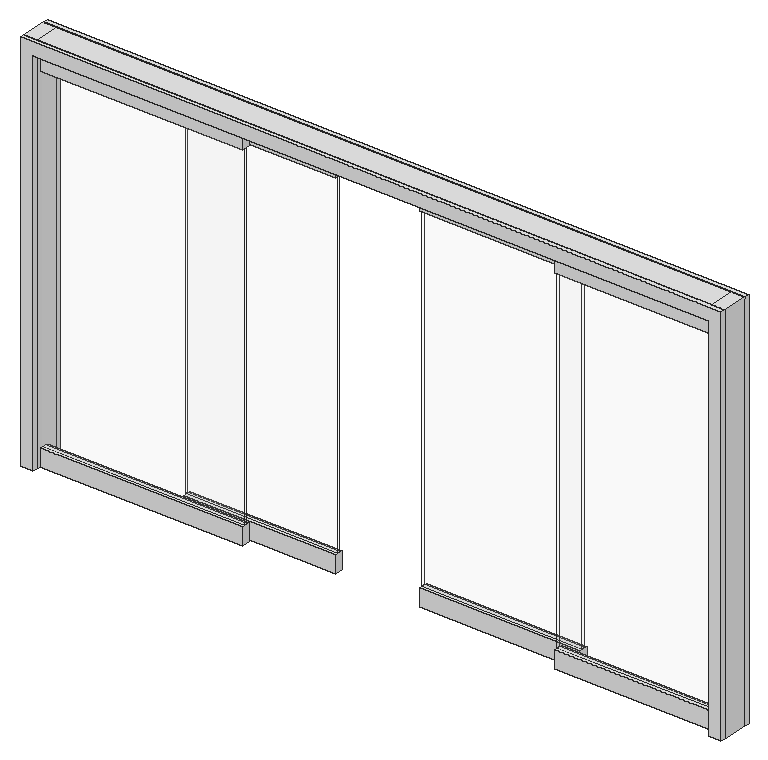
Revit family
Parameters (values of type "AT Glass door type1 (2Leafs) 01 W4000*H2200")
  프레임 투영 외부 = 25 mm
  프레임 투영 내부 = 25 mm
  프레임 폭 = 75 mm
  Height = 2200 mm
  Wall Closure = (empty or 0)
  Width = 4000 mm
  open doorA = 200 mm
  open door = 300 mm
  adhesion doorA = 950 mm
  adhesion door = Width - Auto door - Auto doorA - adhesion doorA  # 1200 mm
  Glass frame material = Chrome, 2
  Function = (empty or 0)
  Frame material = Chrome, 2
  Door material = white glass
  Auto doorA = 950 mm
  Auto door = 900 mm
Types (4, lengths in mm): name | Height | Width | open door | adhesion door | Auto door
  (no name) | 2200 | 4000 | 300 | 1200 | 900
  AT Glass door type1 (2Leafs) 02 W4200*H2000 | 2000 | 4200 | 500 | 1300 | 1000
  AT Glass door type1 (2Leafs) 01 W4000*H2200 | 2200 | 4000 | 300 | 1200 | 900
  AT Glass door type1 (2Leafs) 03 W3800*H2100 | 2100 | 3800 | 200 | 950 | 950
Reference planes
  plane 1: y = 0
  plane 2 "중심(왼쪽/오른쪽)": x = 0
  plane 3 "왼쪽": x = -1200
  plane 4 "오른쪽": x = 2800
  plane 5: z = 2200
  plane 6 "외부": y = 75
  plane 7 "내부": y = -75
  plane 8: x = -400
  plane 9: x = 800
  plane 10: x = 500
  plane 11: x = 1000
  plane 12: x = 1850
  plane 13: x = 1950
Forms (mm)
  Extrusion 1, solid, material "Chrome, 2" <- "Frame material"
    sketch origin (-3172.125, -75, 0) x (1, 0, 0) y (0, 0, 1)
      loop
        line (1897.125, 0) -> (1972.125, 0) -> (1972.125, 2200) -> (5972.125, 2200) -> (5972.125, 0) -> (6047.125, 0) -> (6047.125, 2275) -> (1897.125, 2275) -> (1897.125, 0)
    from 0 to 25
  Extrusion 2, solid, material "Chrome, 2" <- "Frame material"
    sketch origin (-3172.125, 75, 0) x (-1, 0, 0) y (0, 0, 1)
      loop
        line (-1972.125, 0) -> (-1897.125, 0) -> (-1897.125, 2275) -> (-6047.125, 2275) -> (-6047.125, 0) -> (-5972.125, 0) -> (-5972.125, 2200) -> (-1972.125, 2200) -> (-1972.125, 0)
    from 0 to 25
  Extrusion 3, solid, material "Chrome, 2" <- "Frame material"
    sketch origin (0, 75, 0) x (1, 0, 0) y (0, 0, 1)
      loop
        line (2875, 2275) -> (2800, 2275) -> (-1200, 2275) -> (-1275, 2275) -> (-1275, 0) -> (-1200, 0) -> (-1200, 2200) -> (2800, 2200) -> (2800, 0) -> (2875, 0) -> (2875, 2275)
    from 0 to 150
  Extrusion 4, solid, material "white glass" <- "Door material"
    sketch origin (0, 0, 0) x (1, 0, 0) y (0, 1, 0)
      loop
        line (-400, 47.5) -> (-400, 27.5) -> (500, 27.5) -> (500, 47.5) -> (-400, 47.5)
    from 100 to 2100
  Extrusion 5, solid, material "Chrome, 2" <- "Glass frame material"
    sketch origin (0, -75, 0) x (1, 0, 0) y (0, 0, 1)
      loop
        line (500, 0) -> (500, 100) -> (-400, 100) -> (-400, 0) -> (500, 0)
      loop
        line (500, 2200) -> (-400, 2200) -> (-400, 2100) -> (500, 2100) -> (500, 2200)
    from -136.913 to -87.537
  Extrusion 6, solid, material "white glass" <- "Door material"
    sketch origin (-600, -62.5, 0) x (1, 0, 0) y (0, 1, 0)
      loop
        line (-600, 47.5) -> (-600, 27.5) -> (600, 27.5) -> (600, 47.5) -> (-600, 47.5)
    from 100 to 2100
  Extrusion 7, solid, material "Chrome, 2" <- "Glass frame material"
    sketch origin (-600, -136.913, 0) x (1, 0, 0) y (0, 0, 1)
      loop
        line (600, 0) -> (600, 100) -> (-600, 100) -> (-600, 0) -> (600, 0)
      loop
        line (600, 2200) -> (-600, 2200) -> (-600, 2100) -> (600, 2100) -> (600, 2200)
    from -136.913 to -87.537
  Extrusion 8, solid, material "Chrome, 2" <- "Glass frame material"
    sketch origin (2250, -136.913, 0) x (1, 0, 0) y (0, 0, 1)
      loop
        line (550, 0) -> (550, 100) -> (-400, 100) -> (-400, 0) -> (550, 0)
      loop
        line (550, 2200) -> (-400, 2200) -> (-400, 2100) -> (550, 2100) -> (550, 2200)
    from -136.913 to -87.537
  Extrusion 9, solid, material "white glass" <- "Door material"
    sketch origin (2250, -62.5, 0) x (1, 0, 0) y (0, 1, 0)
      loop
        line (-400, 47.5) -> (-400, 27.5) -> (550, 27.5) -> (550, 47.5) -> (-400, 47.5)
    from 100 to 2100
  Extrusion 10, solid, material "Chrome, 2" <- "Glass frame material"
    sketch origin (1550, -75, 0) x (1, 0, 0) y (0, 0, 1)
      loop
        line (400, 0) -> (400, 100) -> (-550, 100) -> (-550, 0) -> (400, 0)
      loop
        line (400, 2200) -> (-550, 2200) -> (-550, 2100) -> (400, 2100) -> (400, 2200)
    from -136.913 to -87.537
  Extrusion 11, solid, material "white glass" <- "Door material"
    sketch origin (0, 0, 0) x (1, 0, 0) y (0, 1, 0)
      loop
        line (1000, 47.5) -> (1000, 27.5) -> (1950, 27.5) -> (1950, 47.5) -> (1000, 47.5)
    from 100 to 2100
Lines and regions (mm)
  Opening 1
    outline origin (-3172.125, -75, 0) x (1, 0, 0) y (0, 0, 1)
      loop
        line (1897.125, 0) -> (6047.125, 0) -> (6047.125, 2275) -> (1897.125, 2275) -> (1897.125, 0)
  Opening 2
    outline origin (-5122.125, -75, 0) x (1, 0, 0) y (0, 0, 1)
      loop
        line (7997.125, 0) -> (7997.125, 2275) -> (7997.125, 0)
Text (mm)
  text "Exterior" at (-2295.016, 1099.543, 0), in view "참조 레벨"
  text "Exterior" at (0, 1615.38, 3698.081), in view "왼쪽"
  text "Exterior" at (0, 1036.032, 3874.932), in view "오른쪽"
Dimensions and locks
  equal spacing: plane 3 "왼쪽", plane 9, plane 4 "오른쪽"
  "Width": plane 3 "왼쪽" to plane 4 "오른쪽"
  "Height": plane 5 to host wall
  host wall to plane 5 = 2200 mm  (x2)
  "프레임 투영 외부": Extrusion 2 to Extrusion 2
  "프레임 투영 내부": Extrusion 1 to Extrusion 1
  "프레임 폭": plane 3 "왼쪽" to Extrusion 1 sketch curve
  "프레임 폭": plane 4 "오른쪽" to Extrusion 1 sketch curve
  "프레임 폭": Extrusion 1 sketch curve to plane 5
  "프레임 폭": plane 4 "오른쪽" to Extrusion 2 sketch curve
  "프레임 폭": plane 3 "왼쪽" to Extrusion 2 sketch curve
  "프레임 폭": plane 5 to Extrusion 2 sketch curve
  locked: plane 6 "외부" to host wall at 0
  locked: plane 7 "내부" to host wall
  "adhesion door": plane 3 "왼쪽" to plane 2 "중심(왼쪽/오른쪽)"
  locked: Extrusion 4 sketch curve to Extrusion 4 sketch curve at 20
  locked: Extrusion 5 sketch curve to Extrusion 5 sketch curve at 100  (x2)
  locked: Extrusion 5 to Extrusion 5 at 49.376
  locked: Extrusion 4 sketch curve to Extrusion 5 at 14.963
  locked: Extrusion 6 sketch curve to Extrusion 6 sketch curve at 20
  locked: Extrusion 7 sketch curve to Extrusion 7 sketch curve at 100  (x2)
  locked: Extrusion 7 to Extrusion 7 at 49.376
  locked: Extrusion 6 sketch curve to Extrusion 7 at 14.376
  locked: Extrusion 7 to Extrusion 5 at 12.537
  "Auto door": plane 8 to plane 10
  locked: Extrusion 8 sketch curve to Extrusion 8 sketch curve at 100  (x2)
  locked: Extrusion 8 to Extrusion 8 at 49.376
  locked: Extrusion 9 sketch curve to Extrusion 9 sketch curve at 20
  locked: Extrusion 10 sketch curve to Extrusion 10 sketch curve at 100  (x2)
  locked: Extrusion 10 to Extrusion 10 at 49.376
  "Auto doorA": plane 11 to plane 13
  "adhesion doorA": plane 12 to plane 4 "오른쪽"
  "open door": plane 10 to plane 9
  "open doorA": plane 9 to plane 11
  locked: Extrusion 11 sketch curve to Extrusion 11 sketch curve at 20
  aligned and locked: level to Extrusion 1 sketch curve
  aligned and locked: plane 5 to Extrusion 1 sketch curve  (x2)
  aligned and locked: Extrusion 1 sketch curve to plane 4 "오른쪽"
  aligned and locked: plane 3 "왼쪽" to Extrusion 1 sketch curve
  aligned and locked: plane 3 "왼쪽" to Extrusion 2 sketch curve
  aligned and locked: plane 5 to Extrusion 2 sketch curve  (x2)
  aligned and locked: level to Extrusion 2 sketch curve
  aligned and locked: host wall to plane 1
  aligned and locked: host wall to Extrusion 3
  aligned and locked: Opening 2 sketch curve to host wall  (x2)
  aligned and locked: Extrusion 2 to Extrusion 3
  aligned and locked: Extrusion 3 sketch curve to Extrusion 2  (x2)
  aligned and locked: Extrusion 3 sketch curve to host wall
  aligned and locked: plane 8 to Extrusion 5 sketch curve
  aligned and locked: level to Extrusion 5 sketch curve
  aligned and locked: Extrusion 5 sketch curve to plane 8
  aligned and locked: Extrusion 5 sketch curve to Extrusion 1
  aligned and locked: Extrusion 4 to Extrusion 5  (x2)
  aligned and locked: Extrusion 7 sketch curve to Extrusion 1  (x3)
  aligned and locked: plane 2 "중심(왼쪽/오른쪽)" to Extrusion 7 sketch curve
  aligned and locked: level to Extrusion 7 sketch curve
  aligned and locked: Extrusion 7 sketch curve to plane 2 "중심(왼쪽/오른쪽)"
  aligned and locked: Extrusion 3 to Extrusion 6 sketch curve
  aligned and locked: Extrusion 6 sketch curve to Extrusion 7
  aligned and locked: Extrusion 6 to Extrusion 7  (x2)
  aligned and locked: plane 1 to Extrusion 7
  aligned and locked: plane 10 to Extrusion 5 sketch curve  (x2)
  aligned and locked: Extrusion 4 sketch curve to Extrusion 5
  aligned and locked: Extrusion 8 sketch curve to plane 12
  aligned and locked: plane 12 to Extrusion 8 sketch curve
  aligned and locked: plane 4 "오른쪽" to Extrusion 8 sketch curve
  aligned and locked: Extrusion 8 sketch curve to plane 4 "오른쪽"
  aligned and locked: Extrusion 8 sketch curve to plane 5
  aligned and locked: level to Extrusion 8 sketch curve
  aligned and locked: Extrusion 10 sketch curve to plane 11  (x2)
  aligned and locked: Extrusion 10 sketch curve to plane 13
  aligned and locked: plane 13 to Extrusion 10 sketch curve
  aligned and locked: Extrusion 9 to plane 4 "오른쪽"
  aligned and locked: Extrusion 9 sketch curve to Extrusion 8
  aligned and locked: Extrusion 11 sketch curve to Extrusion 10  (x2)
  aligned and locked: Extrusion 4 to Extrusion 11
  aligned and locked: Extrusion 9 to Extrusion 11
  aligned and locked: Extrusion 10 sketch curve to Extrusion 1
  aligned and locked: Extrusion 11 to Extrusion 10
Automatic sketch dimensions
  Extrusion 2 sketch curve to plane 4 "오른쪽" = 0 mm
  Extrusion 1 sketch curve to level = 0 mm
  Extrusion 2 sketch curve to level = 0 mm
  Opening 1 sketch curve to level = 0 mm
  Opening 1 sketch curve to plane 5 = 75 mm
  Opening 1 sketch curve to plane 4 "오른쪽" = 75 mm
  plane 3 "왼쪽" to Opening 1 sketch curve = 75 mm
  Opening 2 sketch curve to level = 0 mm
  Opening 2 sketch curve to Opening 2 sketch curve = 0 mm  (x2)
  Opening 2 sketch curve to plane 5 = 75 mm
  Extrusion 3 sketch curve to level = 0 mm  (x2)
  Extrusion 3 sketch curve to plane 3 "왼쪽" = 0 mm  (x2)
  Extrusion 3 sketch curve to plane 4 "오른쪽" = 0 mm  (x2)
  Extrusion 3 sketch curve to plane 5 = 0 mm
  Extrusion 4 sketch curve to plane 8 = 0 mm
  Extrusion 9 sketch curve to plane 4 "오른쪽" = 0 mm
  host wall to Extrusion 9 sketch curve = 15 mm
  Extrusion 11 sketch curve to host wall = 27.5 mm
  Extrusion 10 sketch curve to level = 0 mm
